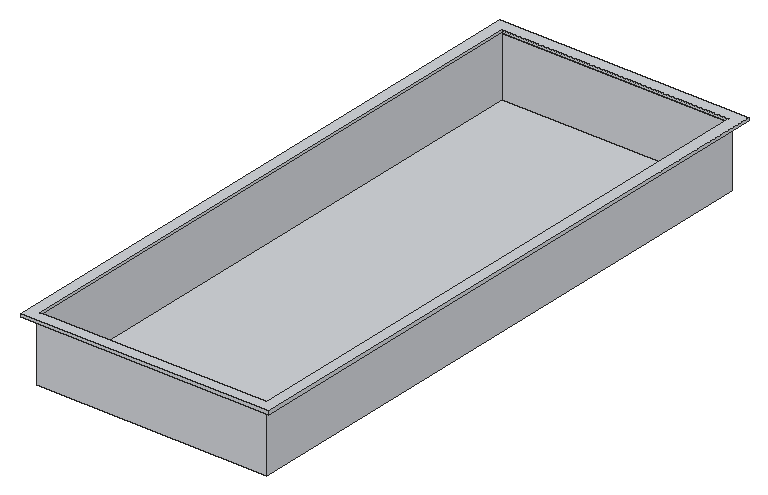
Revit family "Hager-Volta-IP30-Flush_mounted-vide-CH-fr", category Electrical Equipment, host Face, Revit 2020
Family settings
  Host = Face
  Panel Configuration = Two Columns, Circuits Across
  Round Connector Dimension = Use Diameter
  Part Type = Panelboard
  Cut with Voids When Loaded = No
  Shared = No
  Room Calculation Point = No
Parameters (values of type "Encastré  L348 H880 P94.5 12 Modules - VU60NK")
  Width Control [instance] = if([HG000006 - Encastré], if([EF000846 - largeur d'encastrement] > min_whd, [EF000846 - largeur d'encastrement], min_whd), if([EF000008 - largeur] > min_whd, ([EF000008 - largeur]), min_whd))  # 335 mm
  Void Depth [instance] = if([HG000006 - Encastré], Depth Control, 1 mm)  # 90 mm
  Type Comments = [HG000003 - Gamme]  # "Volta"
  System Height [instance] = Height Control - 2 * [HG000005 - Epaisseur]  # 840 mm
  Model = [HG000004 - Référence fabricant]  # "VU60NK"
  HG000017 - Distance entre pôles = 18 mm
  HG000016 - Visibilité de la porte 3D [instance] = yes
  HG000015 - Visibilité de l'emprise de la porte [instance] = no
  HG000014 - Porte à droite [instance] = yes
  HG000013 - Porte à gauche [instance] = not([HG000014 - Porte à droite])  # no
  HG000012 - Angle de pivotement de la porte [instance] = 45.00°
  HG000011 - Rangées du bas vides = no
  HG000010 - Portes asymétriques = no
  HG000009 - Porte à double battant = no
  HG000008 - Nombre de rangées vides = 0
  HG000007 - Nombre de colonnes vides = 0
  HG000006 - Encastré = yes
  HG000005 - Epaisseur = 3 mm  # constant formula
  HG000004 - Référence fabricant = "VU60NK"
  HG000003 - Gamme = "Volta"
  HG000002 - avec porte = no
  HG000001 - nombre de colonnes = 0
  EF015941 - porte pour transmission du signal = no
  EF015777 - borne à conducteur neutre = no
  EF015776 - borne de mise à la terre = no
  EF009212 - finition du couvercle = "EV000116 - fermé"
  EF006306 - avec serrure = no
  EF006244 - couvercle/porte transparent(e) = no
  EF005474 - indice de protection (IP) = ""
  EF004462 - type de fermeture = ""
  EF002950 - largeur en nombre de modules = 12
  EF001596 - matériau du boîtier/corps = "EV000139 - plastique"
  EF001134 - rail DIN = no
  EF001131 - profondeur intérieure = 92 mm
  EF001088 - possibilité de montage en saillie = yes
  EF001062 - finition CEM = yes
  EF000846 - largeur d'encastrement = 335 mm
  EF000339 - type de capot = ""
  EF000332 - hauteur d'encastrement = 846 mm
  EF000266 - nombre de rangées = 5
  EF000218 - profondeur d'encastrement = 90 mm
  EF000118 - avec cadre/support de montage = no
  EF000116 - numéro RAL = "7035"
  EF000049 - profondeur = 94 mm
  EF000040 - hauteur = 880 mm
  EF000008 - largeur = 348 mm
  EF000007 - couleur = "EV000270 - gris"
  EF000003 - mode de pose = "EV000383 - encastré"
  Arrow Offset [instance] = Depth Control / 8  # 11.25 mm
  Arrow Height [instance] = Depth Control - Arrow Offset  # 78.75 mm
  Host Offset [instance] = if([HG000006 - Encastré], 0 mm, [EF000049 - profondeur])  # 0 mm
  min_whd [instance] = (2 * [HG000005 - Epaisseur]) + 1 mm  # 7 mm
  Manufacturer = "Hager"  # constant formula
  Height Control [instance] = if([HG000006 - Encastré], if([EF000332 - hauteur d'encastrement] > min_whd, [EF000332 - hauteur d'encastrement], min_whd), if([EF000040 - hauteur] > min_whd, ([EF000040 - hauteur]), min_whd))  # 846 mm
  Flush Mounted - Door Frame Width [instance] = if(([EF000040 - hauteur] - [EF000332 - hauteur d'encastrement]) > 0 mm, if([HG000006 - Encastré], [EF000040 - hauteur] - [EF000332 - hauteur d'encastrement], 0 mm), 0 mm)  # 34 mm
  Depth Control [instance] = if([HG000006 - Encastré], if([EF000218 - profondeur d'encastrement] > 0 mm, [EF000218 - profondeur d'encastrement], 1 mm), if([EF000049 - profondeur] > 0 mm, ([EF000049 - profondeur]), 1 mm))  # 90 mm
  Default Elevation = 0 mm
Types (5, lengths in mm): name | System Height | Model | HG000004 - Référence fabricant | EF000332 - hauteur d'encastrement | EF000266 - nombre de rangées | EF000040 - hauteur | EF000008 - largeur | Height Control | Flush Mounted - Door Frame Width
  Encastré  L330 H355 P94.5 12 Modules - VU12NK | 340 | "VU12NK" | "VU12NK" | 346 | 1 | 355 | 330 | 346 | 9
  Encastré  L330 H484 P94.5 12 Modules - VU24NK | 465 | "VU24NK" | "VU24NK" | 471 | 2 | 484 | 330 | 471 | 13
  Encastré  L330 H609 P94.5 12 Modules - VU36NK | 590 | "VU36NK" | "VU36NK" | 596 | 3 | 609 | 330 | 596 | 13
  Encastré  L330 H734 P94.5 12 Modules - VU48NK | 715 | "VU48NK" | "VU48NK" | 721 | 4 | 734 | 330 | 721 | 13
  Encastré  L348 H880 P94.5 12 Modules - VU60NK | 840 | "VU60NK" | "VU60NK" | 846 | 5 | 880 | 348 | 846 | 34
Reference planes
  plane 1 "Center (Front/Back)": y = 0
  plane 2: z = 0
  plane 3 "Center (Left/Right)": x = 0
  plane 4: z = 0
  plane 5: y = 37
  plane 6: z = -5
  plane 7: y = 457
  plane 8: y = 34
  plane 9: y = 880
  plane 10: z = -90
  plane 11: x = -167.5
  plane 12: x = 167.5
  plane 13: x = 164.5
  plane 14: x = -164.5
  plane 15: y = 877
  plane 16: z = -87
  plane 17: z = -3
  plane 18: z = -90
  plane 19: z = -3
Forms (mm)
  Extrusion 1, solid
    sketch origin (-583.045, 34, 1219.2) x (-1, 0, 0) y (0, 0, 1)
      loop
        line (-415.545, -1219.2) -> (-750.545, -1219.2) -> (-750.545, -1309.2) -> (-415.545, -1309.2) -> (-415.545, -1219.2)
    from 0 to 846 <- "Height Control"
  Extrusion 2, void
    sketch origin (-381.607, -4572, 0) x (0, -1, 0) y (-1, 0, 0)
      loop
        line (-5449, -217.107) -> (-5449, -546.107) -> (-4609, -546.107) -> (-4609, -217.107) -> (-5449, -217.107)
    from 0 to 87
  Extrusion 3, void
    sketch origin (0, 0, 0) x (1, 0, 0) y (0, 1, 0)
      loop
        line (-167.5, 34) -> (167.5, 34) -> (167.5, 880) -> (-167.5, 880) -> (-167.5, 34)
    from -90 to 1
  Extrusion 4, solid, detail levels coarse+medium
    sketch origin (-381.607, -4572, 0) x (-1, 0, 0) y (0, -1, 0)
      loop
        line (-217.107, -5449) -> (-217.107, -4609) -> (-546.107, -4609) -> (-546.107, -5449) -> (-217.107, -5449)
    from 0 to -3
Cuts and joins
  Extrusion 2 cuts Extrusion 1
Dimensions and locks
  plane 4 to plane 6 = 5 mm
  "Host Offset": plane 4 to host face
  "Flush Mounted - Door Frame Width": plane 1 "Center (Front/Back)" to plane 8
  "HG000005 - Epaisseur": plane 5 to plane 8
  locked: connector elem to plane 3 "Center (Left/Right)"
  "Height Control": plane 9 to plane 8
  equal spacing: plane 9, plane 7, plane 8
  locked: connector elem to plane 7
  "Depth Control": plane 4 to plane 10
  "HG000005 - Epaisseur": plane 11 to plane 14
  "HG000005 - Epaisseur": plane 12 to plane 13
  equal spacing: plane 11, plane 3 "Center (Left/Right)", plane 12
  "Width Control": plane 11 to plane 12
  "Arrow Offset": nested 4 to plane 10
  "HG000005 - Epaisseur": plane 9 to plane 15
  "HG000005 - Epaisseur": plane 16 to plane 10
  "HG000005 - Epaisseur": plane 4 to plane 17
  "Void Depth": plane 2 to plane 18
  "HG000005 - Epaisseur": plane 4 to plane 19
  aligned and locked: plane 2 to host face
  aligned and locked: level to host face
  aligned and locked: plane 3 "Center (Left/Right)" to nested 2
  aligned and locked: plane 4 to nested 2
  aligned and locked: nested 2 to plane 8
  aligned and locked: nested 1 to plane 6
  aligned and locked: plane 5 to nested 1
  aligned and locked: nested 4 to plane 11
  aligned and locked: nested 3 to plane 4
  aligned and locked: Extrusion 1 sketch curve to plane 12
  aligned and locked: Extrusion 1 sketch curve to plane 11
  aligned and locked: nested 3 to plane 10
  aligned and locked: plane 10 to Extrusion 1 sketch curve
  aligned and locked: plane 5 to Extrusion 2 sketch curve
  aligned and locked: Extrusion 2 sketch curve to plane 15
  aligned and locked: Extrusion 2 sketch curve to plane 14
  aligned and locked: Extrusion 2 sketch curve to plane 13
  aligned and locked: plane 11 to Extrusion 3 sketch curve
  aligned and locked: plane 9 to Extrusion 3 sketch curve
  aligned and locked: Extrusion 3 sketch curve to plane 8
  aligned and locked: plane 12 to Extrusion 3 sketch curve
  aligned and locked: nested 3 to plane 12
  aligned and locked: Extrusion 3 to plane 18
  aligned and locked: Extrusion 2 to plane 16
  aligned and locked: Extrusion 1 sketch curve to plane 4
  aligned and locked: Extrusion 4 to plane 17
  aligned and locked: Extrusion 4 sketch curve to plane 15
  aligned and locked: Extrusion 4 sketch curve to plane 13
  aligned and locked: Extrusion 4 sketch curve to plane 14
  aligned and locked: plane 5 to Extrusion 4 sketch curve
Automatic sketch dimensions
  host sketch curve to host sketch curve = 1469.727 mm
  host sketch curve to host sketch curve = 1434.803 mm
Nested families
  nested 1: "Hager_Enclosure_System" at (0, 37, -5) x (1, 0, 0) z (0, 1, 0), Depth <- "HG000005 - Epaisseur", Height <- "System Height", Width <- "EF000008 - largeur", Border <- "HG000005 - Epaisseur", Flush_Mounted <- "HG000006 - Encastré", Built-in_Width <- "EF000846 - largeur d'encastrement", Row_Module_Multiplicator <- "EF002950 - largeur en nombre de modules", Total_No_Empty_Rows <- "HG000008 - Nombre de rangées vides", Total_No_Rows <- "EF000266 - nombre de rangées", Empty_Columns <- "HG000007 - Nombre de colonnes vides", Width_Control <- "Width Control", Empty_Rows_From_Bottom <- "HG000011 - Rangées du bas vides", Distance_Between_Poles <- "HG000017 - Distance entre pôles", Rows_Count <- "EF000266 - nombre de rangées", Columns_Count <- "HG000001 - nombre de colonnes", type "Hager_Enclosure_System", detail levels fine
    with Width_Control 335 mm, Width 348 mm, Total_No_Rows 5, Total_No_Empty_Rows 0, Total_No_Columns 1, System_Width 329 mm, Rows_Count 5, Rows_Column 5, Row_Module_Multiplicator 12, Panel_4 no, Panel_3 no, Panel_2 no, Panel_1 no, No_Panels_Ctrl 1, Hide_Columns yes, Height 840 mm, Flush_Mounted yes, Empty_Rows_From_Bottom no, Empty_Rows_Column 0, Empty_Columns 0, Distance_Between_Poles 18 mm, Depth 3 mm, Columns_Count 0, Column_Width 329 mm, Built-in_Width 335 mm, Border 3 mm
  nested 2: "Hager_Enclosure_Door" at (0, 34, 0) x (1, 0, 0) z (0, 1, 0), Border <- "HG000005 - Epaisseur", Door_Right <- "HG000014 - Porte à droite", Flush_Mounted <- "HG000006 - Encastré", Depth <- "EF000049 - profondeur", Width <- "EF000008 - largeur", Door_Left <- "HG000013 - Porte à gauche", 3d_Door <- "HG000016 - Visibilité de la porte 3D", BuiltIn_Width <- "EF000846 - largeur d'encastrement", BuiltIn_Height <- "EF000332 - hauteur d'encastrement", BuiltIn_Depth <- "EF000218 - profondeur d'encastrement", Angle <- "HG000012 - Angle de pivotement de la porte", Assymetrical <- "HG000010 - Portes asymétriques", Double <- "HG000009 - Porte à double battant", Clearance <- "HG000015 - Visibilité de l'emprise de la porte", Transparent <- "EF006244 - couvercle/porte transparent(e)", Door <- "HG000002 - avec porte", Height_Ctrl <- "Height Control", Width_Ctrl <- "Width Control", Height <- "EF000040 - hauteur", type "Hager_Enclosure_Door", detail levels medium+fine
    with min_wh 7 mm, Width_Ctrl 335 mm, Width 348 mm, Transparent_Door_No_Bottom_Border no, Transparent no, Leaf_Width 326 mm, Leaf_Tolerance 1.5 mm, Leaf_Height 837 mm, Leaf_2_Width 326 mm, Leaf_2_Offset 163 mm, Leaf_1_Width 326 mm, Leaf_1_Offset 163 mm, Height_Ctrl 846 mm, Height 880 mm, Frame_Width_Ctrl 13 mm, Frame_Width 13 mm, Frame_Internal_Offset 3 mm, Frame_Height_Ctrl 34 mm, Frame_Height 34 mm, Frame_Depth_Ctrl 4 mm, Frame_Depth 4 mm, Flush_Mounted yes, Double_Clearance_Ctrl no, Double no, Door_Right_Ctrl no, Door_Right yes, Door_Left_Ctrl no, Door_Left no, Door no, Depth 94 mm, Clearance_Depth 326 mm, Clearance_Ctrl no, Clearance no, BuiltIn_Width 335 mm, BuiltIn_Height 846 mm, BuiltIn_Depth 90 mm, Border 3 mm, Assymetrical no, Angle 45.00°, 3d_Door yes
  nested 3: "Hager_Enclosure_Symbol_Triangle" at (-167.5, 0, -90) x (1, 0, 0) z (0, -1, 0), Depth <- "Depth Control", Width <- "Width Control", type "Hager_Enclosure_Symbol_Triangle"
    with Width_Ctrl 335 mm, Width 335 mm, Depth_Ctrl 90 mm, Depth 90 mm
  nested 4: "Hager_Enclosure_Symbol_Arrow" at (-167.5, 0, -78.75) x (1, 0, 0) z (0, -1, 0), Height <- "Arrow Height", type "Hager_Enclosure_Symbol_Arrow"
    with Width_Inside 5.906 mm, Width 70.875 mm, Height_Ctrl 78.75 mm, Height 78.75 mm
Connectors
  electrical at (0, 457, -90)
    settings: on plane 10, index 1, voltage 0 V, apparent load 0 VA, apparent load phase1 0 VA, apparent load phase2 0 VA, apparent load phase3 0 VA, power factor 1, load classification "Other", number of poles 1, system type 30, power factor state 1, is connector primary yes, connector utility no, sub classification motor no, connector description ""
Definition of nested family "Hager_Enclosure_Door"
  Parameters (values of type "Hager_Enclosure_Door")
    min_wh [instance] = (2 * Border) + 1 mm  # 11 mm
    Width_Ctrl [instance] = 400 mm
    Width [instance] = 500 mm
    Transparent_Door_No_Bottom_Border [instance] = no
    Transparent [instance] = yes
    Leaf_Width [instance] = if((Width_Ctrl - 2 * Border - 2 * Leaf_Tolerance) > 0 mm, (Width_Ctrl - 2 * Border - 2 * Leaf_Tolerance), min_wh)  # 387 mm
    Leaf_Tolerance [instance] = 1.5 mm  # constant formula
    Leaf_Height [instance] = if((Height_Ctrl - 2 * Border - 2 * Leaf_Tolerance) > 0 mm, (Height_Ctrl - 2 * Border - 2 * Leaf_Tolerance), min_wh)  # 387 mm
    Leaf_2_Width [instance] = if(and(and(Double, Assymetrical), Door_Left), (Leaf_Width / 3) - (Leaf_Tolerance / 2), if(and(and(Double, Assymetrical), Door_Right), (Leaf_Width / 3) * 2 - (Leaf_Tolerance / 2), if(and(Double, not(Assymetrical)), (Leaf_Width / 2) - Leaf_Tolerance, Leaf_Width)))  # 387 mm
    Leaf_2_Offset [instance] = if(and(Double, Assymetrical), Leaf_2_Width / 2, if(and(Double, not(Assymetrical)), Leaf_Width / 4, Leaf_Width / 2))  # 193.5 mm
    Leaf_1_Width [instance] = if(and(and(Double, Assymetrical), Door_Right), (Leaf_Width / 3) - (Leaf_Tolerance / 2), if(and(and(Double, Assymetrical), Door_Left), (Width / 3) * 2 - (Leaf_Tolerance / 2), if(and(Double, not(Assymetrical)), (Leaf_Width / 2) - Leaf_Tolerance, Leaf_Width)))  # 387 mm
    Leaf_1_Offset [instance] = if(and(Double, Assymetrical), Leaf_1_Width / 2, if(and(Double, not(Assymetrical)), Leaf_Width / 4, Leaf_Width / 2))  # 193.5 mm
    Height_Ctrl [instance] = 400 mm
    Height [instance] = 500 mm
    Frame_Width_Ctrl [instance] = if(Frame_Width > 0 mm, Frame_Width, 1 mm)  # 1 mm
    Frame_Width [instance] = Width - BuiltIn_Width  # 0 mm
    Frame_Internal_Offset [instance] = if(Flush_Mounted, Border, 0 mm)  # 5 mm
    Frame_Height_Ctrl [instance] = if(Frame_Height > 0 mm, Frame_Height, 1 mm)  # 1 mm
    Frame_Height [instance] = Height - BuiltIn_Height  # 0 mm
    Frame_Depth_Ctrl [instance] = if(Frame_Depth > 0 mm, Frame_Depth, 1 mm)  # 1 mm
    Frame_Depth [instance] = if(Depth - BuiltIn_Depth > 0 mm, if(Flush_Mounted, Depth - BuiltIn_Depth, 0 mm), 0 mm)  # 0 mm
    Flush_Mounted [instance] = yes
    Double_Clearance_Ctrl [instance] = and(Double, Clearance)  # no
    Double [instance] = no
    Door_Right_Ctrl [instance] = and(or(Door_Right, Double), Door)  # yes
    Door_Right [instance] = yes
    Door_Left_Ctrl [instance] = and(or(Door_Left, Double), Door)  # no
    Door_Left [instance] = no
    Door [instance] = yes
    Depth [instance] = 500 mm
    Default Elevation = 1219.2 mm
    Clearance_Material = none
    Clearance_Depth [instance] = if(Leaf_1_Width > Leaf_2_Width, Leaf_1_Width, Leaf_2_Width)  # 387 mm
    Clearance_Ctrl [instance] = and(not(Double), Clearance)  # yes
    Clearance [instance] = yes
    BuiltIn_Width [instance] = 500 mm
    BuiltIn_Height [instance] = 500 mm
    BuiltIn_Depth [instance] = 500 mm
    Border [instance] = 5 mm
    Assymetrical [instance] = yes
    Angle [instance] = 30.00°
    3d_Door [instance] = yes
  Reference planes
    plane 1 "Center (Front/Back)": y = 0
    plane 2 "Bottom": z = 0
    plane 3 "Center (Left/Right)": x = 0
    plane 4: z = 400
    plane 5: x = -200
    plane 6: x = 200
    plane 7: z = 395
    plane 8: x = -195
    plane 9: z = 5
    plane 10: x = 195
    plane 11: y = 0
    plane 12: z = 6.5
    plane 13: x = -582
    plane 14: y = -387
    plane 15: x = 582
    plane 16: x = 0
    plane 17: x = 0
    plane 18: x = -193.5
    plane 19: x = 193.5
    plane 20: z = 393.5
  Forms (mm)
    Extrusion 1, solid, visible <- "Flush_Mounted"
      sketch origin (0, 0, 0) x (1, 0, 0) y (0, 0, 1)
        loop
          line (195, 5) -> (195, 395) -> (-195, 395) -> (-195, 5) -> (195, 5)
        loop
          line (-201, 401) -> (-201, -1) -> (201, -1) -> (201, 401) -> (-201, 401)
      from 0 to 1 <- "Frame_Depth_Ctrl"
    Extrusion 2, solid, material <- "Clearance_Material", visible <- "Double_Clearance_Ctrl"
      sketch origin (1200, 0, 0) x (1, 0, 0) y (0, 0, -1)
        loop
          line (-1782, -393.5) -> (-618, -393.5) -> (-618, 0) -> (-1782, 0) -> (-1782, -393.5)
      from 0 to -387
  Dimensions and locks
    equal spacing: plane 5, plane 3 "Center (Left/Right)", plane 6
    "Width_Ctrl": plane 5 to plane 6
    "Border": plane 5 to plane 8
    "Border": plane 6 to plane 10
    "Border": plane 9 to level
    "Border": plane 4 to plane 7
    "Height_Ctrl": plane 4 to level
    "Leaf_Tolerance": plane 12 to plane 9
    "Frame_Depth": plane 11 to plane 1 "Center (Front/Back)"
    "Frame_Width_Ctrl": plane 5 to Extrusion 1 sketch curve
    "Frame_Width_Ctrl": plane 6 to Extrusion 1 sketch curve
    "Frame_Width_Ctrl": Extrusion 1 sketch curve to plane 4
    "Frame_Width_Ctrl": plane 2 "Bottom" to Extrusion 1 sketch curve
    "Leaf_1_Offset": plane 18 to plane 16
    "Leaf_2_Offset": plane 17 to plane 19
    "Leaf_1_Width": plane 13 to plane 8
    "Leaf_2_Width": plane 10 to plane 15
    "Clearance_Depth": plane 14 to plane 1 "Center (Front/Back)"
    "Leaf_Tolerance": plane 8 to plane 18
    "Leaf_Tolerance": plane 19 to plane 10
    "Leaf_Tolerance": plane 7 to plane 20
    "Frame_Internal_Offset": plane 5 to Extrusion 1 sketch curve
    "Frame_Internal_Offset": Extrusion 1 sketch curve to plane 2 "Bottom"
    "Frame_Internal_Offset": plane 6 to Extrusion 1 sketch curve
    "Frame_Internal_Offset": plane 4 to Extrusion 1 sketch curve
    aligned and locked: level to plane 2 "Bottom"
    aligned and locked: nested 1 to plane 16
    aligned and locked: nested 2 to plane 17
    aligned and locked: Extrusion 2 to plane 13
    aligned and locked: plane 15 to Extrusion 2
    aligned and locked: Extrusion 2 to plane 14
    aligned and locked: plane 12 to nested 1
    aligned and locked: nested 2 to plane 12
    aligned and locked: Extrusion 2 to plane 11
    aligned and locked: plane 20 to Extrusion 2
    aligned and locked: nested 2 to plane 11
    aligned and locked: nested 1 to plane 11
  Automatic sketch dimensions
    Extrusion 2 sketch curve to level = 0 mm
    plane 5 to Extrusion 2 sketch curve = 382 mm
    plane 6 to Extrusion 2 sketch curve = 382 mm
    Extrusion 2 sketch curve to plane 4 = 6.5 mm
  Nested families
    nested 1: "Hager_Enclosure_Door_Leaf" at (0, 0, 6.5), Width <- "Leaf_1_Width", visible <- "Door_Left_Ctrl", Leaf_Height <- "Leaf_Height", Angle <- "Angle", Depth <- "Border", 3d_Door <- "3d_Door", Transparent <- "Transparent", Clearance Material <- "Clearance_Material", Clearance <- "Clearance_Ctrl", Transparent_Door_No_Bottom_Border <- "Transparent_Door_No_Bottom_Border", type "Hager_Enclosure_Door_Leaf"
      with Width 387 mm, Transparent_Door_No_Bottom_Border no, Transparent_Door_Border_Bottom_Top 25 mm, Transparent_Door_Border 25 mm, Transparent_Ctrl yes, Transparent yes, Standard no, Leaf_Height 387 mm, Glass_Offset 1 mm, Depth 5 mm, Clearance Material none, Clearance yes, Angle_Ctrl 30.00°, Angle 30.00°, 3d_Door yes
    nested 2: "Hager_Enclosure_Door_Leaf" at (0, 0, 6.5) x (-1, 0, 0) z (0, 0, 1), Width <- "Leaf_2_Width", visible <- "Door_Right_Ctrl", Leaf_Height <- "Leaf_Height", Angle <- "Angle", Depth <- "Border", 3d_Door <- "3d_Door", Transparent <- "Transparent", Clearance Material <- "Clearance_Material", Clearance <- "Clearance_Ctrl", Transparent_Door_No_Bottom_Border <- "Transparent_Door_No_Bottom_Border", type "Hager_Enclosure_Door_Leaf"
      with Width 387 mm, Transparent_Door_No_Bottom_Border no, Transparent_Door_Border_Bottom_Top 25 mm, Transparent_Door_Border 25 mm, Transparent_Ctrl yes, Transparent yes, Standard no, Leaf_Height 387 mm, Glass_Offset 1 mm, Depth 5 mm, Clearance Material none, Clearance yes, Angle_Ctrl 30.00°, Angle 30.00°, 3d_Door yes
  Definition of nested family "Hager_Enclosure_Door_Leaf"
    Parameters (values of type "Hager_Enclosure_Door_Leaf")
      Width [instance] = 2000 mm
      Transparent_Door_No_Bottom_Border [instance] = yes
      Transparent_Door_Border_Bottom_Top [instance] = if(Transparent_Door_No_Bottom_Border, 0.1 mm, Transparent_Door_Border)  # 0.1 mm
      Transparent_Door_Border [instance] = if(Transparent_Door_No_Bottom_Border, (Width * 0.12), 25 mm)  # 240 mm
      Transparent_Ctrl [instance] = and(Transparent, [3d_Door])  # yes
      Transparent [instance] = yes
      Standard [instance] = and(not(Transparent), [3d_Door])  # no
      Leaf_Height [instance] = 2720.336 mm
      Glass_Offset [instance] = if((Depth - 10 mm) / 2 > 0 mm, (Depth - 10 mm) / 2, 1 mm)  # 15 mm
      Glass_Material = none
      Depth [instance] = 40 mm
      Default Elevation = 0 mm
      Clearance Material [instance] = none
      Clearance [instance] = yes
      Angle_Ctrl [instance] = if(Angle > 170.00°, 170.00°, Angle)  # 45.00°
      Angle [instance] = 45.00°
      3d_Door [instance] = yes
    Reference planes
      plane 1 "Center (Front/Back)": y = 0
      plane 2: z = 0
      plane 3 "Center (Left/Right)": x = 0
      plane 4: y = 2000
      plane 5: x = -1000
      plane 6: x = 1000
      plane 7: x = -3000
      plane 8: z = 2720.336
      plane 9: z = 0.1
      plane 10: z = 2720.236
      plane 11: x = 760
      plane 12: x = -760
    Forms (mm)
      Extrusion 1, solid, material <- "Clearance Material", visible <- "Clearance"
        sketch origin (0, 0, 0) x (1, 0, 0) y (0, 0, 1)
          loop
            line (-3000, 2720.336) -> (-3000, 0) -> (1000, 0) -> (1000, 2720.336) -> (-3000, 2720.336)
        from 0 to -2000
      Extrusion 2, solid, visible <- "Standard", detail levels medium+fine
        sketch origin (-1000, 0, 0) x (0.707107, 0.707107, 0) y (-0.707107, 0.707107, 0)
          loop
            line (0, -40) -> (2000, -40) -> (2000, 0) -> (0, 0) -> (0, -40)
        from 0 to 2720.336 <- "Leaf_Height"
      Extrusion 3, solid, visible <- "Transparent_Ctrl", detail levels medium+fine
        sketch origin (-1000, 0, 0) x (0.707107, 0.707107, 0) y (-0.707107, 0.707107, 0)
          loop
            line (0, -40) -> (2000, -40) -> (2000, 0) -> (0, 0) -> (0, -40)
        from 0 to 2720.336 <- "Leaf_Height"
      Extrusion 4, void, detail levels medium+fine
        sketch origin (-1000, 0, 0) x (-0.707107, 0.707107, 0) y (0.707107, 0.707107, 0)
          loop
            line (0, 240) -> (0, 1760) -> (-40, 1760) -> (-40, 240) -> (0, 240)
        from -2720.236 to -0.1
      Extrusion 5, solid, material <- "Glass_Material", visible <- "Transparent_Ctrl", detail levels medium+fine
        sketch origin (-1000, 0, 0) x (0.707107, 0.707107, 0) y (-0.707107, 0.707107, 0)
          loop
            line (240, -15) -> (240, -25) -> (1760, -25) -> (1760, -15) -> (240, -15)
        from 0.1 to 2720.236
    Cuts and joins
      Extrusion 4 cuts Extrusion 3
    Lines and regions (mm)
      symbolic lines
        curve 1: line (1000, 0, 0) -> (-3000, 0, 0)
        curve 2: arc (1000, 0, 0) -> (-1000, 2000, 0) -> (-3000, 0, 0) r 2000
        curve 4: line (-1000, 0, 0) -> (414.214, 1414.214, 0)
      reference lines
        curve 3: line (-1000, 0, 0) -> (414.214, 1414.214, 0)
      symbolic lines, detail levels medium+fine
        curve 5: line (414.214, 1414.214, 0) -> (442.498, 1385.929, 0)
        curve 6: line (442.498, 1385.929, 0) -> (-971.716, -28.284, 0)
        curve 7: line (-971.716, -28.284, 0) -> (-1000, 0, 0)
        curve 8: line (-1000, 0, 2720.336) -> (1000, 0, 2720.336)
        curve 9: line (-1000, 0, 0) -> (-1000, 0, 2720.336)
        curve 10: line (1000, 0, 0) -> (-1000, 0, 0)
        curve 11: line (1000, 0, 2720.336) -> (1000, 0, 0)
      symbolic lines, visible <- "Transparent_Ctrl", detail levels medium+fine
        curve 12: line (-760, 0, 2720.236) -> (760, 0, 2720.236)
        curve 13: line (-760, 0, 0.1) -> (-760, 0, 2720.236)
        curve 14: line (760, 0, 0.1) -> (-760, 0, 0.1)
        curve 15: line (760, 0, 2720.236) -> (760, 0, 0.1)
    Dimensions and locks
      "Width": plane 1 "Center (Front/Back)" to plane 4
      equal spacing: plane 5, plane 3 "Center (Left/Right)", plane 6
      "Width": plane 5 to plane 6
      "Width": plane 7 to plane 5
      "Leaf_Height": plane 8 to level
      "Depth": curve 6 to curve 3
      "Width": curve 5 to curve 3
      "Width": curve 3 to curve 3
      "Transparent_Door_Border": Extrusion 4 sketch curve to curve 7
      "Transparent_Door_Border": Extrusion 4 sketch curve to curve 5
      "Transparent_Door_Border_Bottom_Top": plane 8 to plane 10
      "Transparent_Door_Border_Bottom_Top": plane 9 to level
      "Glass_Offset": Extrusion 5 sketch curve to curve 4
      "Glass_Offset": Extrusion 5 sketch curve to curve 6
      "Transparent_Door_Border": Extrusion 5 sketch curve to curve 5
      "Transparent_Door_Border": Extrusion 5 sketch curve to curve 7
      "Transparent_Door_Border": plane 12 to plane 5
      "Transparent_Door_Border": plane 6 to plane 11
      "Angle_Ctrl": angle plane 1 "Center (Front/Back)" to curve 3
      aligned and locked: level to plane 2
      aligned and locked: Extrusion 1 to curve 1
      aligned and locked: plane 6 to Extrusion 1
      aligned and locked: Extrusion 1 to plane 1 "Center (Front/Back)"
      aligned and locked: plane 4 to Extrusion 1
      aligned and locked: plane 8 to Extrusion 1
      aligned and locked: curve 4 to curve 3
      aligned and locked: Extrusion 2 sketch curve to curve 7
      aligned and locked: Extrusion 2 sketch curve to curve 6
      aligned and locked: Extrusion 2 sketch curve to curve 5
      aligned and locked: Extrusion 2 sketch curve to curve 3
      aligned and locked: curve 7 to Extrusion 3 sketch curve
      aligned and locked: Extrusion 3 sketch curve to curve 4
      aligned and locked: Extrusion 3 sketch curve to curve 6
      aligned and locked: Extrusion 3 sketch curve to curve 5
      aligned and locked: curve 4 to Extrusion 4 sketch curve
      aligned and locked: curve 6 to Extrusion 4 sketch curve
      aligned and locked: Extrusion 4 to plane 9
      aligned and locked: Extrusion 4 to plane 10
      aligned and locked: Extrusion 5 to plane 9
      aligned and locked: Extrusion 5 to plane 10
      aligned and locked: curve 8 to plane 8
      aligned and locked: plane 5 to curve 9
      aligned and locked: plane 2 to curve 10
      aligned and locked: curve 11 to plane 6
      aligned and locked: plane 10 to curve 12
      aligned and locked: plane 12 to curve 13
      aligned and locked: curve 14 to plane 9
      aligned and locked: plane 11 to curve 15
    Automatic sketch dimensions
      plane 1 "Center (Front/Back)" to curve 2 = 0 mm
      curve 2 to plane 5 = 0 mm
      Extrusion 1 sketch curve to level = 0 mm
      Extrusion 1 sketch curve to plane 7 = 0 mm
      Extrusion 1 sketch curve to plane 6 = 0 mm
      Extrusion 1 sketch curve to plane 8 = 0 mm
      plane 1 "Center (Front/Back)" to curve 3 = 0 mm
      curve 3 to plane 5 = 0 mm
      curve 7 to curve 3 = 0 mm
Definition of nested family "Hager_Enclosure_Symbol_Triangle"
  Parameters (values of type "Hager_Enclosure_Symbol_Triangle")
    Width_Ctrl [instance] = if(Width > 1 mm, Width, 1 mm)  # 498 mm
    Width [instance] = 498 mm
    Depth_Ctrl [instance] = if(Depth > 1 mm, Depth, 1 mm)  # 72 mm
    Depth [instance] = 72 mm
  Reference planes
    plane 1 "Centre (avant/arrière)": y = 0
    plane 2: z = 0
    plane 3 "Centre (gauche/droite)": x = 0
  Lines and regions (mm)
    Filled region 1, type "Solid_Black", in view "Niveau de réf."
      outline origin (0, 0, 0) x (1, 0, 0) y (0, 1, 0)
        loop
          line (0, 0) -> (498, 0) -> (498, 72) -> (0, 0)
    reference lines, in view "Niveau de réf."
      curve 1: line (-206.153, 72, 0) -> (1083.258, 72, 0)
      curve 2: line (498, 405.456, 0) -> (498, -517.619, 0)
  Dimensions and locks
    "Depth_Ctrl": plane 1 "Centre (avant/arrière)" to curve 1
    "Width_Ctrl": plane 3 "Centre (gauche/droite)" to curve 2
    aligned and locked: curve 1 to Filled region 1 sketch curve
    aligned and locked: Filled region 1 sketch curve to plane 1 "Centre (avant/arrière)"
    aligned and locked: curve 2 to Filled region 1 sketch curve
    aligned and locked: plane 3 "Centre (gauche/droite)" to Filled region 1 sketch curve
    aligned and locked: plane 1 "Centre (avant/arrière)" to Filled region 1 sketch curve
  Automatic sketch dimensions
    curve 1 to plane 3 "Centre (gauche/droite)" = 206.153 mm
    curve 2 to curve 1 = 585.258 mm
    plane 1 "Centre (avant/arrière)" to curve 2 = 517.619 mm
    curve 2 to plane 1 "Centre (avant/arrière)" = 405.456 mm
Definition of nested family "Hager_Enclosure_Symbol_Arrow"
  Parameters (values of type "Hager_Enclosure_Symbol_Arrow")
    Width_Inside [instance] = if(Width / 12 > 2 mm, Width / 12, 2 mm)  # 4.987 mm
    Width [instance] = if(Height_Ctrl * 0.9 > 2 mm, Height_Ctrl * 0.9, 2 mm)  # 59.85 mm
    Height_Ctrl [instance] = if(Height > 2 mm, Height, 2 mm)  # 66.5 mm
    Height [instance] = 66.5 mm
  Reference planes
    plane 1 "Centre (avant/arrière)": y = 0
    plane 2: z = 0
    plane 3 "Centre (gauche/droite)": x = 0
    plane 4: x = 59.85
    plane 5: y = 28.263
    plane 6: y = 38.238
    plane 7: y = 66.5
    plane 8: x = 29.925
    plane 9: y = 33.25
  Lines and regions (mm)
    Filled region 1, type "Solid_Black", in view "Niveau de réf."
      outline origin (0, 0, 0) x (1, 0, 0) y (0, 1, 0)
        loop
          line (59.85, 66.5) -> (37.929, 52.827) -> (51.846, 41.935) -> (59.85, 66.5)
    detail lines, in view "Niveau de réf."
      curve 1: line (0, 0, 0) -> (29.925, 38.238, 0)
      curve 2: line (29.925, 38.238, 0) -> (29.925, 28.263, 0)
      curve 3: line (29.925, 28.263, 0) -> (59.85, 66.5, 0)
  Dimensions and locks
    "Width": plane 3 "Centre (gauche/droite)" to plane 4
    "Height_Ctrl": plane 7 to plane 1 "Centre (avant/arrière)"
    equal spacing: plane 3 "Centre (gauche/droite)", plane 8, plane 4
    equal spacing: plane 7, plane 9, plane 1 "Centre (avant/arrière)"
    equal spacing: plane 6, plane 9, plane 5
    "Width_Inside": plane 6 to plane 9
    equal spacing: curve 3, Filled region 1 sketch curve, Filled region 1 sketch curve
    angle Filled region 1 sketch curve to curve 3 = 20.00°
    angle curve 3 to Filled region 1 sketch curve = 20.00°
    locked: curve 3 to Filled region 1 sketch curve (angle 90.00°)
  Automatic sketch dimensions
    plane 1 "Centre (avant/arrière)" to curve 1 = 0 mm
    curve 1 to plane 3 "Centre (gauche/droite)" = 0 mm
    curve 2 to plane 6 = 0 mm
    curve 3 to plane 8 = 0 mm
    curve 3 to plane 4 = 0 mm
    curve 2 to plane 5 = 0 mm
    curve 3 to plane 7 = 0 mm
    Filled region 1 sketch curve to plane 4 = 0 mm
    Filled region 1 sketch curve to plane 7 = 0 mm
